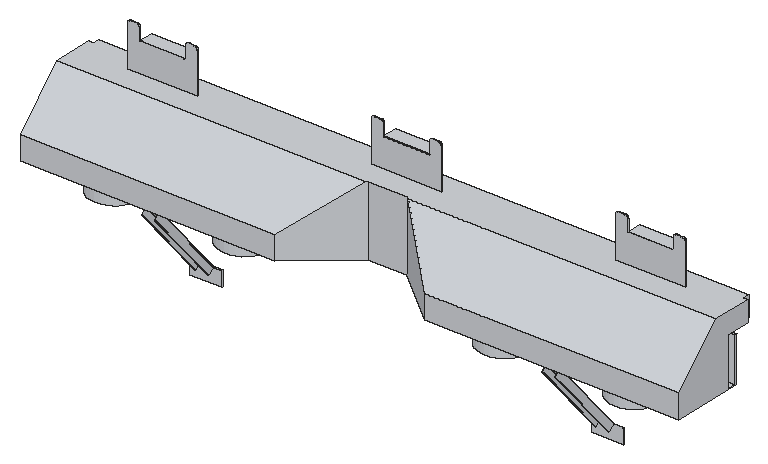
Revit family "HDKPD63 - DL63-Heat distribution TV kit", category Generic Models, Revit 2019
Family settings
  Can host rebar = No
  Round Connector Dimension = Use Diameter
  Part Type = Normal
  Work Plane-Based = No
  Always vertical = Yes
  Cut with Voids When Loaded = No
  Shared = No
  Room Calculation Point = No
Reference planes (in)
  plane 1 "Center (Front/Back)": y = 0
  plane 2: z = 0
  plane 3 "Center (Left/Right)": x = 0
Forms (in)
  Sweep 1, solid
    path origin (0, 0, 0) x (1, 0, 0) y (0, 1, 0)
      loop
        line (-33.03125, 0) -> (33.03125, 0)
    profile origin (0, 0, 0) x (0, 1, 0) y (0, 0, 1)
      loop
        line (3.17785, 6.96033) -> (-1.45521, 6.96033) -> (-6.07215, 2.3434) -> (-6.07215, 0) -> (0, 0) -> (0.99035, 0) -> (0.99035, 4.44559) -> (1.2091, 4.44559) -> (1.2091, 4.5) -> (0.93594, 4.5) -> (0.93594, 0.05469) -> (0, 0.05469) -> (0, 4.89783) -> (3.17785, 4.89783) -> (3.17785, 6.96033)
  Extrusion 2, void
    sketch origin (0, 0, 0) x (1, 0, 0) y (0, 1, 0)
      loop
        line (-1.95502, -1.33367) -> (-7.54245, -6.07215) -> (7.54245, -6.07215) -> (1.95502, -1.33367) -> (-1.95502, -1.33367)
    from -4.28383 to 12
  Extrusion 3, solid
    sketch origin (0, 0, 0) x (1, 0, 0) y (0, 1, 0)
      loop
        circle (13.0459, -2.9493) r 2.5
      loop
        circle (26.04639, -2.9493) r 2.5
      loop
        circle (-13.01509, -2.9493) r 2.5
      loop
        circle (-26.01558, -2.9493) r 2.5
    from 0 to -1.5
  Extrusion 4, void
    sketch origin (-6.03125, 0, 0) x (1, 0, 0) y (0, 1, 0)
      loop
        line (38.59882, 3.17785) -> (38.59882, 2.57188) -> (39.0625, 2.57188) -> (39.0625, 3.17785) -> (38.59882, 3.17785)
      loop
        line (-26.53632, 3.17785) -> (-27, 3.17785) -> (-27, 2.57188) -> (-26.53632, 2.57188) -> (-26.53632, 3.17785)
    from 0 to 12
  Extrusion 5, solid
    sketch origin (-34.24155, 3.17785, 5.98567) x (1, 0, 0) y (0, 0, -1)
      loop
        line (6.26559, -0.97466) -> (6.26559, -5.08083)
        arc (6.26559, -5.08083) -> (6.35339, -5.29281) -> (6.56538, -5.38062) r 0.29979
        line (6.56538, -5.38062) -> (7.16496, -5.38062)
        arc (7.16496, -5.38062) -> (7.37695, -5.29281) -> (7.46476, -5.08083) r 0.29979
        line (7.46476, -5.08083) -> (7.46476, -3.89265) -> (12.06158, -3.89265) -> (12.06158, -5.08083)
        arc (12.06158, -5.08083) -> (12.14939, -5.29281) -> (12.36137, -5.38062) r 0.29979
        line (12.36137, -5.38062) -> (12.96096, -5.38062)
        arc (12.96096, -5.38062) -> (13.17295, -5.29281) -> (13.26075, -5.08083) r 0.29979
        line (13.26075, -5.08083) -> (13.26075, -0.97466) -> (6.26559, -0.97466)
      loop
        line (55.22744, -0.97466) -> (55.22744, -5.08083)
        arc (55.22744, -5.08083) -> (55.31525, -5.29281) -> (55.52723, -5.38062) r 0.29979
        line (55.52723, -5.38062) -> (56.12682, -5.38062)
        arc (56.12682, -5.38062) -> (56.3388, -5.29281) -> (56.42661, -5.08083) r 0.29979
        line (56.42661, -5.08083) -> (56.42661, -3.89265) -> (61.02343, -3.89265) -> (61.02343, -5.08083)
        arc (61.02343, -5.08083) -> (61.11124, -5.29281) -> (61.32323, -5.38062) r 0.29979
        line (61.32323, -5.38062) -> (61.92281, -5.38062)
        arc (61.92281, -5.38062) -> (62.1348, -5.29281) -> (62.22261, -5.08083) r 0.29979
        line (62.22261, -5.08083) -> (62.22261, -0.97466) -> (55.22744, -0.97466)
      loop
        line (37.74168, -0.97466) -> (30.74651, -0.97466) -> (30.74651, -5.08083)
        arc (30.74651, -5.08083) -> (30.83432, -5.29281) -> (31.0463, -5.38062) r 0.29979
        line (31.0463, -5.38062) -> (31.64589, -5.38062)
        arc (31.64589, -5.38062) -> (31.85788, -5.29281) -> (31.94568, -5.08083) r 0.29979
        line (31.94568, -5.08083) -> (31.94568, -3.89265) -> (36.54251, -3.89265) -> (36.54251, -5.08083)
        arc (36.54251, -5.08083) -> (36.63032, -5.29281) -> (36.8423, -5.38062) r 0.29979
        line (36.8423, -5.38062) -> (37.44189, -5.38062)
        arc (37.44189, -5.38062) -> (37.65387, -5.29281) -> (37.74168, -5.08083) r 0.29979
        line (37.74168, -5.08083) -> (37.74168, -0.97466)
    from -2.125 to -2.0625
  Extrusion 6, solid
    sketch origin (-34.24155, 3.17785, 5.98567) x (1, 0, 0) y (0, 0, -1)
      loop
        line (7.46476, -3.89265) -> (12.06158, -3.89265) -> (12.06158, -3.83015) -> (7.46476, -3.83015) -> (7.46476, -3.89265)
      loop
        line (56.42661, -3.89265) -> (61.02343, -3.89265) -> (61.02343, -3.83015) -> (56.42661, -3.83015) -> (56.42661, -3.89265)
      loop
        line (31.94568, -3.89265) -> (36.54251, -3.89265) -> (36.54251, -3.83015) -> (31.94568, -3.83015) -> (31.94568, -3.89265)
    from -0.625 to -2.0625
  Extrusion 7, solid
    sketch origin (-23.36283, 3.17785, 0.1822) x (1, 0, 0) y (0, 0, -1)
      loop
        line (47.61374, -4.71564) -> (54.60891, -4.71564) -> (54.60891, -2.0175)
        arc (54.60891, -2.0175) -> (54.5211, -1.80551) -> (54.30912, -1.71771) r 0.29979
        line (54.30912, -1.71771) -> (53.70953, -1.71771)
        arc (53.70953, -1.71771) -> (53.49755, -1.80551) -> (53.40974, -2.0175) r 0.29979
        line (53.40974, -2.0175) -> (53.40974, -3.29662) -> (48.81292, -3.29662) -> (48.81292, -2.0175)
        arc (48.81292, -2.0175) -> (48.72511, -1.80551) -> (48.51312, -1.71771) r 0.29979
        line (48.51312, -1.71771) -> (47.91354, -1.71771)
        arc (47.91354, -1.71771) -> (47.70155, -1.80551) -> (47.61374, -2.0175) r 0.29979
        line (47.61374, -2.0175) -> (47.61374, -4.71564)
      loop
        line (19.86269, -4.71564) -> (26.85786, -4.71564) -> (26.85786, -2.0175)
        arc (26.85786, -2.0175) -> (26.77005, -1.80551) -> (26.55807, -1.71771) r 0.29979
        line (26.55807, -1.71771) -> (25.95848, -1.71771)
        arc (25.95848, -1.71771) -> (25.7465, -1.80551) -> (25.65869, -2.0175) r 0.29979
        line (25.65869, -2.0175) -> (25.65869, -3.29662) -> (21.06187, -3.29662) -> (21.06187, -2.0175)
        arc (21.06187, -2.0175) -> (20.97406, -1.80551) -> (20.76207, -1.71771) r 0.29979
        line (20.76207, -1.71771) -> (20.16249, -1.71771)
        arc (20.16249, -1.71771) -> (19.9505, -1.80551) -> (19.86269, -2.0175) r 0.29979
        line (19.86269, -2.0175) -> (19.86269, -4.71564)
      loop
        line (-7.88836, -4.71564) -> (-0.89319, -4.71564) -> (-0.89319, -2.0175)
        arc (-0.89319, -2.0175) -> (-0.981, -1.80551) -> (-1.19298, -1.71771) r 0.29979
        line (-1.19298, -1.71771) -> (-1.79257, -1.71771)
        arc (-1.79257, -1.71771) -> (-2.00455, -1.80551) -> (-2.09236, -2.0175) r 0.29979
        line (-2.09236, -2.0175) -> (-2.09236, -3.29662) -> (-6.68918, -3.29662) -> (-6.68918, -2.0175)
        arc (-6.68918, -2.0175) -> (-6.77699, -1.80551) -> (-6.98898, -1.71771) r 0.29979
        line (-6.98898, -1.71771) -> (-7.58856, -1.71771)
        arc (-7.58856, -1.71771) -> (-7.80055, -1.80551) -> (-7.88836, -2.0175) r 0.29979
        line (-7.88836, -2.0175) -> (-7.88836, -4.71564)
    from -0.5 to -0.5625
  Extrusion 8, solid
    sketch origin (-33.8818, 3.17785, -0.35134) x (1, 0, 0) y (0, 0, -1)
      loop
        line (3.82978, -3.89265) -> (8.42661, -3.89265) -> (8.42661, -3.83015) -> (3.82978, -3.83015) -> (3.82978, -3.89265)
      loop
        line (59.33189, -3.89265) -> (63.92871, -3.89265) -> (63.92871, -3.83015) -> (59.33189, -3.83015) -> (59.33189, -3.89265)
      loop
        line (31.58084, -3.89265) -> (36.17766, -3.89265) -> (36.17766, -3.83015) -> (31.58084, -3.83015) -> (31.58084, -3.89265)
    from -0.625 to -2.0625
  Extrusion 9, solid
    sketch origin (-36.24155, 3.17785, -1.85808) x (1, 0, 0) y (0, 0, -1)
      loop
        line (58.01285, 5.98567) -> (58.01285, 7.48567) -> (54.81069, 7.48567) -> (54.81069, 5.98567) -> (58.01285, 5.98567)
      loop
        line (17.7349, 5.98567) -> (17.7349, 7.48567) -> (14.53274, 7.48567) -> (14.53274, 5.98567) -> (17.7349, 5.98567)
    from -2.125 to -2.0625
  Sweep 10, solid
    path origin (-20.07449, -0.01911, 0.01911) x (0, 1, 0) y (0, 0, 1)
      loop
        line (-5.65127, 0) -> (1.09107, -7.84375)
    profile origin (-20.07449, -2.29921, -3.90277) x (0, 0.758342, 0.651857) y (1, 0, 0)
      loop
        line (0, -0.6875) -> (0, 0.6875) -> (-0.75, 0.6875) -> (-0.75, 0.625) -> (-0.0625, 0.625) -> (-0.0625, -0.625) -> (-0.75, -0.625) -> (-0.75, -0.6875) -> (0, -0.6875)
  Sweep 11, solid
    path origin (20.07449, -0.01911, 0.01911) x (0, 1, 0) y (0, 0, -1)
      loop
        line (-5.65127, 0) -> (1.09107, 7.84375)
    profile origin (20.07449, -2.29921, -3.90277) x (0, -0.758342, -0.651857) y (-1, 0, 0)
      loop
        line (0, -0.6875) -> (0.75, -0.6875) -> (0.75, -0.625) -> (0.0625, -0.625) -> (0.0625, 0.625) -> (0.75, 0.625) -> (0.75, 0.6875) -> (0, 0.6875) -> (0, -0.6875)
Cuts and joins
  Extrusion 2, Extrusion 4 cuts Sweep 1
Lines and regions (in)
  symbolic lines
    curve 1: line (0, -7.09871, 1.68389) -> (0, 1.09107, -7.84375)
Dimensions and locks (in)
  Sweep 1 sketch curve to Sweep 1 sketch curve = 0' - 9 1/4"
  aligned and locked: plane 2 to level
Connectors (in)
  hvac at (-0.00032, 3.17785, 5.92908)
    settings: on cut or joined group of Sweep 1, Extrusion 2, Extrusion 4, index 1, duct flow 0 CFM, flow factor 0, pres drop 0.00 in-wg, loss coef 0, conn angle 0.00°, conn width 65 1/16", conn height 2", conn diameter 24", duct sys type 3, conn prof type 1, flow config 0, flow direction 0, loss method 0, conn ref index -1, conn util no, is conn primary yes, conn desc ""
  hvac at (13.0459, -2.9493, -1.5)
    settings: on Extrusion 3, index 2, duct flow 0 CFM, flow factor 0, pres drop 0.00 in-wg, loss coef 0, conn angle 0.00°, conn width 12", conn height 12", conn diameter 5", duct sys type 1, conn prof type 0, flow config 0, flow direction 0, loss method 0, conn ref index -1, conn util no, is conn primary no, conn desc ""
  hvac at (13.0459, -2.9493, -1.5)
    settings: on Extrusion 3, index 3, duct flow 0 CFM, flow factor 0, pres drop 0.00 in-wg, loss coef 0, conn angle 0.00°, conn width 12", conn height 12", conn diameter 5", duct sys type 1, conn prof type 0, flow config 0, flow direction 0, loss method 0, conn ref index -1, conn util no, is conn primary no, conn desc ""
  hvac at (26.04639, -2.9493, -1.5)
    settings: on Extrusion 3, index 4, duct flow 0 CFM, flow factor 0, pres drop 0.00 in-wg, loss coef 0, conn angle 0.00°, conn width 12", conn height 12", conn diameter 5", duct sys type 1, conn prof type 0, flow config 0, flow direction 0, loss method 0, conn ref index -1, conn util no, is conn primary no, conn desc ""
  hvac at (-13.01509, -2.9493, -1.5)
    settings: on Extrusion 3, index 5, duct flow 0 CFM, flow factor 0, pres drop 0.00 in-wg, loss coef 0, conn angle 0.00°, conn width 12", conn height 12", conn diameter 5", duct sys type 1, conn prof type 0, flow config 0, flow direction 0, loss method 0, conn ref index -1, conn util no, is conn primary no, conn desc ""
  hvac at (-26.01558, -2.9493, -1.5)
    settings: on Extrusion 3, index 6, duct flow 0 CFM, flow factor 0, pres drop 0.00 in-wg, loss coef 0, conn angle 0.00°, conn width 12", conn height 12", conn diameter 5", duct sys type 1, conn prof type 0, flow config 0, flow direction 0, loss method 0, conn ref index -1, conn util no, is conn primary no, conn desc ""
